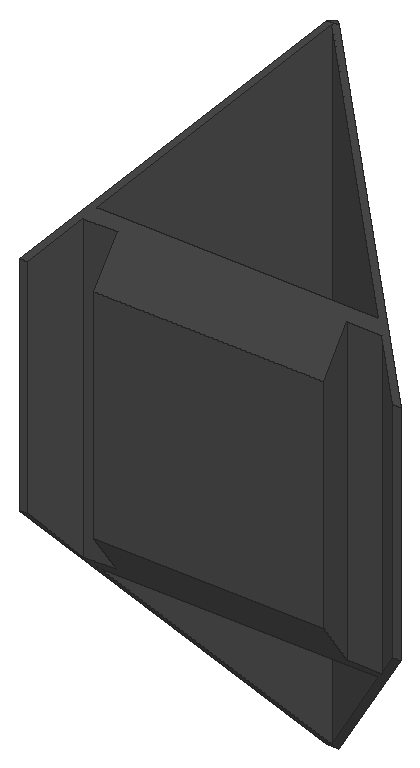
Revit family "3-729-xx Motto Wall Sconce", category Luminarias, Revit 2021
Family settings
  Anfitrión = Muro
  Cota de conector redondo = Diámetro de uso
  Tipo de pieza = Normal
  Número OmniClass = 23.80.70.00
  Título OmniClass = Lighting
  Siempre vertical = Sí
  Corte con vacíos al cargar = No
  Origen de luz = Sí
  Compartido = No
  Punto de cálculo de habitación = No
Parameters (values of type "3-729-15 / Black - Matte White Acrylic")
  Elevación por defecto = 0.00"
  Comentarios de vataje = "1 x 75 W at 120 V"  # constant formula
  Wattage = 27.11 W
  built-in parameter 1150110 = 1 (stored number, unit not read)
  Voltage Input = "120 V or 277 V - 50/60 Hz"  # constant formula
  Voltage = 120 V
  URL = "www.oxygenlighting.com"
  built-in parameter 1114217 = 1 (stored number, unit not read)
  built-in parameter 1150109 = 1 (stored number, unit not read)
  built-in parameter 1150134 = (empty or 0)
  built-in parameter 1150113 = 1 (stored number, unit not read)
  References = "Ref. 3 = 120 V / Ref. 37 = 277 V"  # constant formula
  Modelo = "3-729-xx / Motto Wall Sconce"  # constant formula
  Metal Finish = 15 - Black
  Fabricante = "Oxygen Lighting and Fans"  # constant formula
  Lumens = 1976.32 lm
  built-in parameter 1150115 = 1 (stored number, unit not read)
  built-in parameter 1150105 = 157.27 (stored number, unit not read)
  Tamaño de símbolo de origen de luz = 24.00"
  built-in parameter 1150137 = (empty or 0)
  built-in parameter 1150139 = (empty or 0)
  built-in parameter 1150112 = 1 (stored number, unit not read)
  built-in parameter 1150114 = 1 (stored number, unit not read)
  Lámpara = "LED Array"  # constant formula
  built-in parameter 1150132 = (empty or 0)
  built-in parameter 1150102 = (empty or 0)
  built-in parameter 1150138 = (empty or 0)
  built-in parameter 1150107 = 3000 (stored number, unit not read)
  built-in parameter 1150106 = 1.5727 (stored number, unit not read)
  Height = 16.00"
  built-in parameter 1150104 = 6.7726 (stored number, unit not read)
  Cambio de temperatura de color de luz atenuada = <Ninguno>
  Diffusers = Matte White Acrylic
  Color Filter = 16777215
  built-in parameter 1114218 = 1 (stored number, unit not read)
  built-in parameter 1150133 = 10 (stored number, unit not read)
Reference planes (in)
  plane 1: y = 0
  plane 2 "Light Source Axis (L/R)": x = 4.92126
  plane 3 "Light Source Axis (F/R)": y = 4.33071
  plane 4 "Light Source Elevation": z = 42.56114
  plane 5: y = 2.95276
Text (in)
  text "Placement side" at (-70.3598, 43.96769, 0), in view "Ref. Level"
  text "Placement side" at (0, 83.08644, 117.56134), in view "Left"
  text "Placement side" at (0, 24.74324, 118.58137), in view "Right"
Dimensions and locks (in)
  locked: plane 3 "Light Source Axis (F/R)" to plane 5 at 1.37795
  locked: plane 4 "Light Source Elevation" to nested 1 at 7.97245
  aligned and locked: plane 1 to host wall
  aligned and locked: plane 2 "Light Source Axis (L/R)" to imposter light
  aligned and locked: plane 5 to host wall
  aligned and locked: plane 5 to nested 1
  aligned and locked: plane 4 "Light Source Elevation" to imposter light
  aligned and locked: imposter light to plane 3 "Light Source Axis (F/R)"
  aligned and locked: nested 1 to plane 2 "Light Source Axis (L/R)"
Nested families (in)
  nested 1: "Family2" at (4.92126, 2.95276, 42.56409) x (-1, 0, 0) z (0, 0, 1), type "Family2"
Definition of nested family "Family2"
  Parameters (values of type "Family2")
    Metal Finish 2 = none
    Metal Finish 1 = none
    Met = none
    Height = 16.00"
    Default Elevation = 0.00"
    Diffuser = none
  Reference planes (in)
    plane 1 "Center (Front/Back)": y = 0
    plane 2: z = 0
    plane 3 "Center (Left/Right)": x = 0
  Forms (in)
    Extrusion 1, solid, material <- "Metal Finish 1"
      sketch origin (0, 0, 0) x (1, 0, 0) y (0, 1, 0)
        loop
          line (-4.68545, -0.04083) -> (-0.05761, -3.88658)
          arc (-0.05761, -3.88658) -> (0, -3.9074) -> (0.05761, -3.88658) r 0.09014
          line (0.05761, -3.88658) -> (4.68545, -0.04083) -> (4.49167, -0.04083) -> (3.675, -0.72333) -> (2.82333, -0.72333) -> (2.82333, 0) -> (-2.82333, 0) -> (-2.82333, -0.72333) -> (-3.675, -0.72333) -> (-4.49167, -0.04083) -> (-4.68545, -0.04083)
        loop
          line (3.4782, -0.88667) -> (-3.4782, -0.88667) -> (0, -3.77803) -> (3.4782, -0.88667)
      from -7.96524 to 7.9695
    Extrusion 2, void
      sketch origin (0, 0, 0) x (0, 1, 0) y (0, 0, 1)
        loop
          line (0, 2.72545) -> (0, 7.9695) -> (-3.8079, 7.9695) -> (0, 2.72545)
        loop
          line (-3.8048, -7.96524) -> (0, -7.96524) -> (0, -2.73141) -> (-3.8048, -7.96524)
      from -4.99963 to 5.31434
  Cuts and joins
    Extrusion 2 cuts Extrusion 1
  Dimensions and locks (in)
    aligned and locked: level to plane 2
